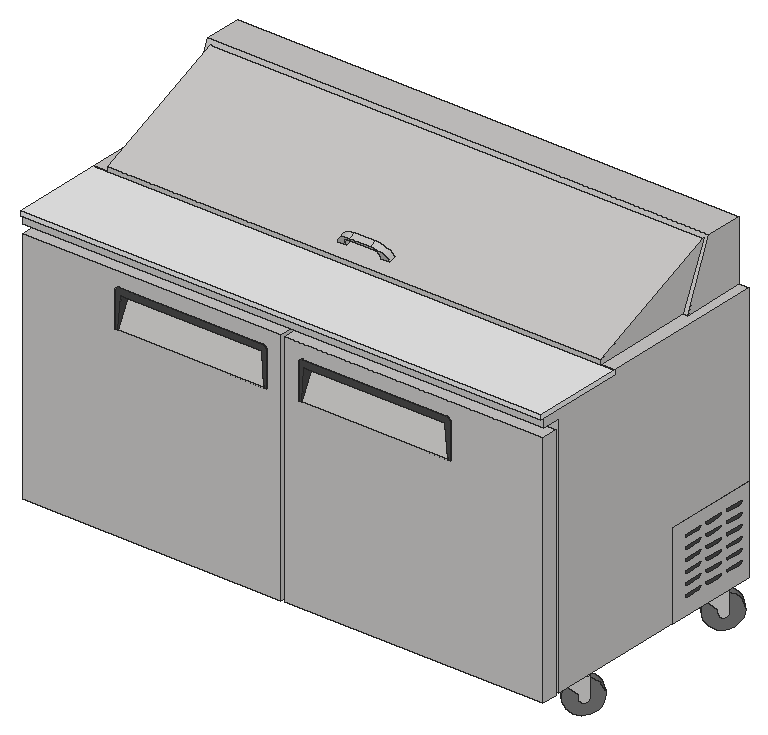
Revit family "QF_Turbo Air_MST-60522d7a05-5c8d-4af2-bb92-b9abdb3de6f6", category Specialty Equipment, Revit 2012
Parameters
  Weight in Pounds = 330
  Watermarked By = "http://revitwatermark.com"
  Volts = 115 V
  URL Cutsheet = ""
  URL = "www.turboairinc.com"
  Status [instance] = ""
  Specification by User [instance] = ""
  Specification by Manufacturer [instance] = ""
  Serial Number [instance] = ""
  Revision Code [instance] = ""
  Phase = 1
  Number of Poles [instance] = 1
  NAFEM Spec ID Number [instance] = ""
  Model = "MST-60"
  Masterspec [instance] = ""
  Manufacturer = "Turbo Air"  # constant formula
  Legs [instance] = [6 inch Legs]  # no
  Item Number [instance] = "-"
  Installed By [instance] = ""
  HP = "1/3"
  Furnished By [instance] = ""
  Foodservice Equipment Identifier = yes
  FL Amps = 8.9 A
  Electrical Remarks [instance] = ""
  Electric Connection Type [instance] = ""
  Elec Conn RI Height [instance] = 0' - 0"
  Elec Conn Connection Height = 1' - 0"
  Description = "Sandwich/Salad Unit"
  Cycle = 60 Hz
  Conn Plug = "NEMA 5-15P"
  Casters [instance] = not(Legs)  # yes
  CasterLeg Height [instance] = if([4 inch Casters], 0' 5", if([5 inch Casters], 0' 5 3/4", if([2_5 inch Casters], 0' 3 3/8", 0' 6")))  # 0' - 5"
  CSI MasterFormat = "11 41 13"
  Assembly Code = "E1090320"
  Apparent Power = if(Phase = 3, Volts * FL Amps * 1.73, Volts * FL Amps)  # 1023.5 VA
  6 inch Legs [instance] = no
  5 inch Casters [instance] = no
  4 inch Casters [instance] = yes
  2_5 inch Casters [instance] = no
Reference planes (in)
  plane 1 "BACK": y = 0
  plane 2: z = 0
  plane 3 "LEFT": x = -20.78844
  plane 4 "Bottom": z = 5
  plane 5 "Back Stops": y = 1
  plane 6 "RIGHT": x = 39.46156
  plane 7 "Front of Lid": y = -19.375
  plane 8 "FRONT": y = -30
  plane 9 "Door Clearance": y = -57.75
  plane 10 "Back of Door": y = -27.875
  plane 11 "Front of Box": y = -27.375
  plane 12 "Counter Top": z = 35
  plane 13 "TOP": z = 42
  plane 14 "Top of Door": z = 32.5
  plane 15 "Bottom of Cutting Board": z = 34.5
  plane 16 "Handle LR": x = 9.33656
  plane 17 "Lid Clearance": z = 45.5
  plane 18 "Left Lid Cover": x = -19.66344
  plane 19 "Right of Lid Cover": x = 38.33656
  plane 20 "Left of Lid": x = -19.16344
  plane 21 "Right of Lid": x = 37.83656
  plane 22 "Left of Right Door": x = 9.52406
  plane 23 "Right of Left Door": x = 9.14906
Forms (in)
  Extrusion 1, solid, material "QF_Finishes_Stainless Steel"
    sketch origin (-20.78844, 0, 0) x (0, 1, 0) y (0, 0, 1)
      loop
        line (0, 5) -> (0, 35) -> (-19.375, 35) -> (-19.375, 34.5) -> (-29.625, 34.5) -> (-29.625, 33.5) -> (-27.375, 33.5) -> (-27.375, 5) -> (0, 5)
    from 0 to 60.25
  Extrusion 2, solid, material "QF_Finishes_Black"
    sketch origin (0, -27.375, 0) x (1, 0, 0) y (0, 0, 1)
      loop
        line (-19.78844, 31.5) -> (-19.78844, 6) -> (8.14906, 6) -> (8.14906, 31.5) -> (-19.78844, 31.5)
      loop
        line (38.46156, 6) -> (38.46156, 31.5) -> (10.52406, 31.5) -> (10.52406, 6) -> (38.46156, 6)
    from 0 to 0.5
  Extrusion 3, solid, material "QF_Finishes_Stainless Steel"
    sketch origin (-19.66344, 0, 0) x (0, 1, 0) y (0, 0, 1)
      loop
        line (0, 35) -> (0, 42) -> (-4.25, 42) -> (-7.375, 35) -> (0, 35)
    from 0 to 58
  Extrusion 4, solid, material "QF_Finishes_White"
    sketch origin (0, 0, 34.5) x (0, 1, 0) y (-1, 0, 0)
      loop
        line (-19.375, 20.78844) -> (-30, 20.78844) -> (-30, -39.46156) -> (-19.375, -39.46156) -> (-19.375, 20.78844)
    from 0 to 0.5
  Extrusion 5, solid, material "QF_Finishes_Stainless Steel"
    sketch origin (-19.16344, 0, 0) x (0, 1, 0) y (0, 0, 1)
      loop
        line (-19.375, 35) -> (-7.375, 35) -> (-4.45383, 41.54343) -> (-19.375, 35.5) -> (-19.375, 35)
    from 0 to 57
  Extrusion 6, solid, material "QF_Finishes_Stainless Steel"
    sketch origin (-8.25, -2.56728, -1.00345) x (1, 0, 0) y (0, -0.375401, 0.926862)
      loop
        line (19.58656, 40.14331) -> (20.58656, 40.14331)
        arc (20.58656, 40.14331) -> (19.91185, 41.04872) -> (18.83656, 41.39331) r 1.85
        line (18.83656, 41.39331) -> (16.33656, 41.39331)
        arc (16.33656, 41.39331) -> (15.26127, 41.04872) -> (14.58656, 40.14331) r 1.85
        line (14.58656, 40.14331) -> (15.58656, 40.14331) -> (15.58656, 40.64331)
        arc (15.58656, 40.64331) -> (15.73301, 40.99687) -> (16.08656, 41.14331) r 0.5
        line (16.08656, 41.14331) -> (19.08656, 41.14331)
        arc (19.08656, 41.14331) -> (19.44011, 40.99687) -> (19.58656, 40.64331) r 0.5
        line (19.58656, 40.64331) -> (19.58656, 40.14331)
    from -0.375 to 0.375
  Extrusion 7, solid, material "QF_Finishes_Clearances", detail levels coarse
    sketch origin (-19.16344, 0, 0) x (0, 1, 0) y (0, 0, 1)
      loop
        arc (-9.375, 45.5) -> (-16.44607, 42.57107) -> (-19.375, 35.5) r 10
        line (-19.375, 35.5) -> (-4.45383, 41.54343) -> (-8.87792, 45.446) -> (-9.375, 45.5)
    from 0 to 57
  Extrusion 8, void
    sketch origin (39.46156, 0, 0) x (0, 1, 0) y (0, 0, 1)
      loop
        line (0, 5) -> (0, 15) -> (-11, 15) -> (-11, 5) -> (0, 5)
    from 0 to -1
  Extrusion 9, solid, material "QF_Finishes_Stainless Steel"
    sketch origin (39.46156, 0, 0) x (0, 1, 0) y (0, 0, 1)
      loop
        line (-10.875, 14.875) -> (-10.875, 5) -> (0, 5) -> (0, 14.875) -> (-10.875, 14.875)
      loop
        arc (-9.25, 13.5) -> (-9.10355, 13.14645) -> (-8.75, 13) r 0.5
        line (-8.75, 13) -> (-7.25, 13)
        arc (-7.25, 13) -> (-6.89645, 13.14645) -> (-6.75, 13.5) r 0.5
        line (-6.75, 13.5) -> (-9.25, 13.5)
      loop
        arc (-6.25, 13.5) -> (-6.10355, 13.14645) -> (-5.75, 13) r 0.5
        line (-5.75, 13) -> (-4.25, 13)
        arc (-4.25, 13) -> (-3.89645, 13.14645) -> (-3.75, 13.5) r 0.5
        line (-3.75, 13.5) -> (-6.25, 13.5)
      loop
        arc (-3.25, 13.5) -> (-3.10355, 13.14645) -> (-2.75, 13) r 0.5
        line (-2.75, 13) -> (-1.25, 13)
        arc (-1.25, 13) -> (-0.89645, 13.14645) -> (-0.75, 13.5) r 0.5
        line (-0.75, 13.5) -> (-3.25, 13.5)
      loop
        arc (-9.25, 12.25) -> (-9.10355, 11.89645) -> (-8.75, 11.75) r 0.5
        line (-8.75, 11.75) -> (-7.25, 11.75)
        arc (-7.25, 11.75) -> (-6.89645, 11.89645) -> (-6.75, 12.25) r 0.5
        line (-6.75, 12.25) -> (-9.25, 12.25)
      loop
        arc (-6.25, 12.25) -> (-6.10355, 11.89645) -> (-5.75, 11.75) r 0.5
        line (-5.75, 11.75) -> (-4.25, 11.75)
        arc (-4.25, 11.75) -> (-3.89645, 11.89645) -> (-3.75, 12.25) r 0.5
        line (-3.75, 12.25) -> (-6.25, 12.25)
      loop
        arc (-3.25, 12.25) -> (-3.10355, 11.89645) -> (-2.75, 11.75) r 0.5
        line (-2.75, 11.75) -> (-1.25, 11.75)
        arc (-1.25, 11.75) -> (-0.89645, 11.89645) -> (-0.75, 12.25) r 0.5
        line (-0.75, 12.25) -> (-3.25, 12.25)
      loop
        arc (-9.25, 11) -> (-9.10355, 10.64645) -> (-8.75, 10.5) r 0.5
        line (-8.75, 10.5) -> (-7.25, 10.5)
        arc (-7.25, 10.5) -> (-6.89645, 10.64645) -> (-6.75, 11) r 0.5
        line (-6.75, 11) -> (-9.25, 11)
      loop
        arc (-6.25, 11) -> (-6.10355, 10.64645) -> (-5.75, 10.5) r 0.5
        line (-5.75, 10.5) -> (-4.25, 10.5)
        arc (-4.25, 10.5) -> (-3.89645, 10.64645) -> (-3.75, 11) r 0.5
        line (-3.75, 11) -> (-6.25, 11)
      loop
        arc (-3.25, 11) -> (-3.10355, 10.64645) -> (-2.75, 10.5) r 0.5
        line (-2.75, 10.5) -> (-1.25, 10.5)
        arc (-1.25, 10.5) -> (-0.89645, 10.64645) -> (-0.75, 11) r 0.5
        line (-0.75, 11) -> (-3.25, 11)
      loop
        arc (-9.25, 9.75) -> (-9.10355, 9.39645) -> (-8.75, 9.25) r 0.5
        line (-8.75, 9.25) -> (-7.25, 9.25)
        arc (-7.25, 9.25) -> (-6.89645, 9.39645) -> (-6.75, 9.75) r 0.5
        line (-6.75, 9.75) -> (-9.25, 9.75)
      loop
        arc (-6.25, 9.75) -> (-6.10355, 9.39645) -> (-5.75, 9.25) r 0.5
        line (-5.75, 9.25) -> (-4.25, 9.25)
        arc (-4.25, 9.25) -> (-3.89645, 9.39645) -> (-3.75, 9.75) r 0.5
        line (-3.75, 9.75) -> (-6.25, 9.75)
      loop
        arc (-3.25, 9.75) -> (-3.10355, 9.39645) -> (-2.75, 9.25) r 0.5
        line (-2.75, 9.25) -> (-1.25, 9.25)
        arc (-1.25, 9.25) -> (-0.89645, 9.39645) -> (-0.75, 9.75) r 0.5
        line (-0.75, 9.75) -> (-3.25, 9.75)
      loop
        arc (-9.25, 8.5) -> (-9.10355, 8.14645) -> (-8.75, 8) r 0.5
        line (-8.75, 8) -> (-7.25, 8)
        arc (-7.25, 8) -> (-6.89645, 8.14645) -> (-6.75, 8.5) r 0.5
        line (-6.75, 8.5) -> (-9.25, 8.5)
      loop
        arc (-6.25, 8.5) -> (-6.10355, 8.14645) -> (-5.75, 8) r 0.5
        line (-5.75, 8) -> (-4.25, 8)
        arc (-4.25, 8) -> (-3.89645, 8.14645) -> (-3.75, 8.5) r 0.5
        line (-3.75, 8.5) -> (-6.25, 8.5)
      loop
        arc (-3.25, 8.5) -> (-3.10355, 8.14645) -> (-2.75, 8) r 0.5
        line (-2.75, 8) -> (-1.25, 8)
        arc (-1.25, 8) -> (-0.89645, 8.14645) -> (-0.75, 8.5) r 0.5
        line (-0.75, 8.5) -> (-3.25, 8.5)
      loop
        arc (-9.25, 7.25) -> (-9.10355, 6.89645) -> (-8.75, 6.75) r 0.5
        line (-8.75, 6.75) -> (-7.25, 6.75)
        arc (-7.25, 6.75) -> (-6.89645, 6.89645) -> (-6.75, 7.25) r 0.5
        line (-6.75, 7.25) -> (-9.25, 7.25)
      loop
        arc (-6.25, 7.25) -> (-6.10355, 6.89645) -> (-5.75, 6.75) r 0.5
        line (-5.75, 6.75) -> (-4.25, 6.75)
        arc (-4.25, 6.75) -> (-3.89645, 6.89645) -> (-3.75, 7.25) r 0.5
        line (-3.75, 7.25) -> (-6.25, 7.25)
      loop
        arc (-3.25, 7.25) -> (-3.10355, 6.89645) -> (-2.75, 6.75) r 0.5
        line (-2.75, 6.75) -> (-1.25, 6.75)
        arc (-1.25, 6.75) -> (-0.89645, 6.89645) -> (-0.75, 7.25) r 0.5
        line (-0.75, 7.25) -> (-3.25, 7.25)
    from 0 to -1
  Extrusion 10, solid, material "QF_Finishes_Black"
    sketch origin (39.46156, 0, 0) x (0, 1, 0) y (0, 0, 1)
      loop
        line (-9.875, 13.95221) -> (-9.875, 6.20221) -> (-0.375, 6.20221) -> (-0.375, 13.95221) -> (-9.875, 13.95221)
    from -0.125 to -1
  Extrusion 11, solid, material "QF_Finishes_Black"
    sketch origin (0, 0, 0) x (1, 0, 0) y (0, 0, 1)
      loop
        circle (-14.66344, 30.1875) r 0.5
      loop
        circle (33.33656, 30.1875) r 0.5
    from 0 to -1
  Extrusion 12, solid, material "QF_Finishes_Stainless Steel"
    sketch origin (0, 0, 0) x (1, 0, 0) y (0, 0, 1)
      loop
        circle (35.46156, 11.125) r 0.25
    from 0 to -0.0625
Cuts and joins
  Extrusion 8 cuts Extrusion 1
Lines and regions (in)
  symbolic lines
    curve 1: line (-20.78844, 0, 35) -> (39.46156, 0, 35)
    curve 2: line (-20.78844, -30, 35) -> (-20.78844, 0, 35)
    curve 3: line (39.46156, -30, 35) -> (-20.78844, -30, 35)
    curve 4: line (39.46156, 0, 35) -> (39.46156, -30, 35)
    curve 5: line (-20.78844, -19.375, 35) -> (39.46156, -19.375, 35)
    curve 6: line (33.58656, 1, 35) -> (34.58656, 1, 35)
    curve 7: line (-15.91344, 1, 35) -> (-14.91344, 1, 35)
    curve 8: line (-15.91344, 1, 35) -> (-15.91344, 0, 35)
    curve 9: line (-14.91344, 1, 35) -> (-14.91344, 0, 35)
    curve 10: line (33.58656, 1, 35) -> (33.58656, 0, 35)
    curve 11: line (34.58656, 1, 35) -> (34.58656, 0, 35)
    curve 12: line (7.33656, -17.28956, 35) -> (6.33656, -17.28956, 35)
    curve 13: line (6.33656, -17.28956, 35) -> (6.33656, -17.98471, 35)
    curve 14: line (7.33656, -17.47726, 35) -> (7.33656, -17.28956, 35)
    curve 15: line (10.58656, -18.45396, 35) -> (8.08656, -18.45396, 35)
    curve 16: line (10.83656, -17.66496, 35) -> (7.83656, -17.66496, 35)
    curve 17: line (11.33656, -17.28956, 35) -> (11.33656, -17.47726, 35)
    curve 18: line (12.33656, -17.28956, 35) -> (11.33656, -17.28956, 35)
    curve 19: line (12.33656, -17.98471, 35) -> (12.33656, -17.28956, 35)
    curve 20: spline (12.33656, -17.98471, 35) -> (12.2653, -18.0513, 35) -> (12.17612, -18.11477, 35) -> (12.06997, -18.17445, 35) -> (11.94798, -18.2297, 35) -> (11.81145, -18.27993, 35) -> (11.66185, -18.3246, 35) -> (11.50077, -18.36324, 35) -> (11.32992, -18.39543, 35) -> (11.15114, -18.42083, 35) -> (10.96633, -18.43917, 35) -> (10.77746, -18.45025, 35) -> (10.58656, -18.45396, 35)
    curve 21: spline (7.83656, -17.66496, 35) -> (7.7713, -17.66336, 35) -> (7.70715, -17.65857, 35) -> (7.64522, -17.65067, 35) -> (7.58656, -17.63981, 35) -> (7.53218, -17.62617, 35) -> (7.48301, -17.60998, 35) -> (7.43988, -17.59153, 35) -> (7.40355, -17.57111, 35) -> (7.37462, -17.54909, 35) -> (7.3536, -17.52584, 35) -> (7.34084, -17.50176, 35) -> (7.33656, -17.47726, 35)
    curve 22: spline (11.33656, -17.47726, 35) -> (11.33228, -17.50176, 35) -> (11.31952, -17.52584, 35) -> (11.2985, -17.54909, 35) -> (11.26957, -17.57111, 35) -> (11.23324, -17.59153, 35) -> (11.19011, -17.60998, 35) -> (11.14094, -17.62617, 35) -> (11.08656, -17.63981, 35) -> (11.0279, -17.65067, 35) -> (10.96597, -17.65857, 35) -> (10.90182, -17.66336, 35) -> (10.83656, -17.66496, 35)
    curve 23: spline (8.08656, -18.45396, 35) -> (7.89566, -18.45025, 35) -> (7.70679, -18.43917, 35) -> (7.52198, -18.42083, 35) -> (7.3432, -18.39543, 35) -> (7.17235, -18.36324, 35) -> (7.01127, -18.3246, 35) -> (6.86167, -18.27993, 35) -> (6.72514, -18.2297, 35) -> (6.60315, -18.17445, 35) -> (6.497, -18.11477, 35) -> (6.40782, -18.0513, 35) -> (6.33656, -17.98471, 35)
    curve 40: line (-19.66344, 0, 35) -> (-19.66344, -7.375, 35)
    curve 41: line (38.33656, -7.375, 35) -> (38.33656, 0, 35)
    curve 42: line (-19.66344, -4.25, 35) -> (38.33656, -4.25, 35)
    curve 43: line (-19.16344, -4.25, 35) -> (-19.16344, -19.375, 35)
    curve 44: line (37.83656, -19.375, 35) -> (37.83656, -4.25, 35)
    curve 49: line (37.83656, -7.375, 35) -> (38.33656, -7.375, 35)
    curve 50: line (-19.16344, -7.375, 35) -> (-19.66344, -7.375, 35)
  symbolic lines, style "QF_Surface Details"
    curve 24: line (8.96156, -10.41441, 35) -> (8.96156, -6.42258, 35)
    curve 25: line (2.96156, -10.41441, 35) -> (2.96156, -6.42258, 35)
    curve 26: line (3.96156, -5.42258, 35) -> (7.96156, -5.42258, 35)
    curve 27: line (3.96156, -11.41441, 35) -> (7.96156, -11.41441, 35)
    curve 28: arc (7.96156, -5.42258, 35) -> (8.66867, -5.71547, 35) -> (8.96156, -6.42258, 35) r 1
    curve 29: arc (3.96156, -5.42258, 35) -> (3.25445, -5.71547, 35) -> (2.96156, -6.42258, 35) r 1
    curve 30: arc (2.96156, -10.41441, 35) -> (3.25445, -11.12152, 35) -> (3.96156, -11.41441, 35) r 1
    curve 31: arc (7.96156, -11.41441, 35) -> (8.66867, -11.12152, 35) -> (8.96156, -10.41441, 35) r 1
    curve 32: line (8.96156, -13.41441, 35) -> (8.96156, -17.40625, 35)
    curve 33: line (2.96156, -13.41441, 35) -> (2.96156, -17.40625, 35)
    curve 34: line (3.96156, -18.40625, 35) -> (7.96156, -18.40625, 35)
    curve 35: line (3.96156, -12.41441, 35) -> (7.96156, -12.41441, 35)
    curve 36: arc (7.96156, -18.40625, 35) -> (8.66867, -18.11336, 35) -> (8.96156, -17.40625, 35) r 1
    curve 37: arc (3.96156, -18.40625, 35) -> (3.25445, -18.11336, 35) -> (2.96156, -17.40625, 35) r 1
    curve 38: arc (2.96156, -13.41441, 35) -> (3.25445, -12.70731, 35) -> (3.96156, -12.41441, 35) r 1
    curve 39: arc (7.96156, -12.41441, 35) -> (8.66867, -12.70731, 35) -> (8.96156, -13.41441, 35) r 1
    curve 51: line (2.21156, -10.41441, 35) -> (2.21156, -6.42258, 35)
    curve 52: line (-3.78844, -10.41441, 35) -> (-3.78844, -6.42258, 35)
    curve 53: line (-2.78844, -5.42258, 35) -> (1.21156, -5.42258, 35)
    curve 54: line (-2.78844, -11.41441, 35) -> (1.21156, -11.41441, 35)
    curve 55: arc (1.21156, -5.42258, 35) -> (1.91867, -5.71547, 35) -> (2.21156, -6.42258, 35) r 1
    curve 56: arc (-2.78844, -5.42258, 35) -> (-3.49555, -5.71547, 35) -> (-3.78844, -6.42258, 35) r 1
    curve 57: arc (-3.78844, -10.41441, 35) -> (-3.49555, -11.12152, 35) -> (-2.78844, -11.41441, 35) r 1
    curve 58: arc (1.21156, -11.41441, 35) -> (1.91867, -11.12152, 35) -> (2.21156, -10.41441, 35) r 1
    curve 59: line (2.21156, -13.41441, 35) -> (2.21156, -17.40625, 35)
    curve 60: line (-3.78844, -13.41441, 35) -> (-3.78844, -17.40625, 35)
    curve 61: line (-2.78844, -18.40625, 35) -> (1.21156, -18.40625, 35)
    curve 62: line (-2.78844, -12.41441, 35) -> (1.21156, -12.41441, 35)
    curve 63: arc (1.21156, -18.40625, 35) -> (1.91867, -18.11336, 35) -> (2.21156, -17.40625, 35) r 1
    curve 64: arc (-2.78844, -18.40625, 35) -> (-3.49555, -18.11336, 35) -> (-3.78844, -17.40625, 35) r 1
    curve 65: arc (-3.78844, -13.41441, 35) -> (-3.49555, -12.70731, 35) -> (-2.78844, -12.41441, 35) r 1
    curve 66: arc (1.21156, -12.41441, 35) -> (1.91867, -12.70731, 35) -> (2.21156, -13.41441, 35) r 1
    curve 67: line (-4.53844, -10.41441, 35) -> (-4.53844, -6.42258, 35)
    curve 68: line (-10.53844, -10.41441, 35) -> (-10.53844, -6.42258, 35)
    curve 69: line (-9.53844, -5.42258, 35) -> (-5.53844, -5.42258, 35)
    curve 70: line (-9.53844, -11.41441, 35) -> (-5.53844, -11.41441, 35)
    curve 71: arc (-5.53844, -5.42258, 35) -> (-4.83133, -5.71547, 35) -> (-4.53844, -6.42258, 35) r 1
    curve 72: arc (-9.53844, -5.42258, 35) -> (-10.24555, -5.71547, 35) -> (-10.53844, -6.42258, 35) r 1
    curve 73: arc (-10.53844, -10.41441, 35) -> (-10.24555, -11.12152, 35) -> (-9.53844, -11.41441, 35) r 1
    curve 74: arc (-5.53844, -11.41441, 35) -> (-4.83133, -11.12152, 35) -> (-4.53844, -10.41441, 35) r 1
    curve 75: line (-4.53844, -13.41441, 35) -> (-4.53844, -17.40625, 35)
    curve 76: line (-10.53844, -13.41441, 35) -> (-10.53844, -17.40625, 35)
    curve 77: line (-9.53844, -18.40625, 35) -> (-5.53844, -18.40625, 35)
    curve 78: line (-9.53844, -12.41441, 35) -> (-5.53844, -12.41441, 35)
    curve 79: arc (-5.53844, -18.40625, 35) -> (-4.83133, -18.11336, 35) -> (-4.53844, -17.40625, 35) r 1
    curve 80: arc (-9.53844, -18.40625, 35) -> (-10.24555, -18.11336, 35) -> (-10.53844, -17.40625, 35) r 1
    curve 81: arc (-10.53844, -13.41441, 35) -> (-10.24555, -12.70731, 35) -> (-9.53844, -12.41441, 35) r 1
    curve 82: arc (-5.53844, -12.41441, 35) -> (-4.83133, -12.70731, 35) -> (-4.53844, -13.41441, 35) r 1
    curve 83: line (-11.28844, -10.41441, 35) -> (-11.28844, -6.42258, 35)
    curve 84: line (-17.28844, -10.41441, 35) -> (-17.28844, -6.42258, 35)
    curve 85: line (-16.28844, -5.42258, 35) -> (-12.28844, -5.42258, 35)
    curve 86: line (-16.28844, -11.41441, 35) -> (-12.28844, -11.41441, 35)
    curve 87: arc (-12.28844, -5.42258, 35) -> (-11.58133, -5.71547, 35) -> (-11.28844, -6.42258, 35) r 1
    curve 88: arc (-16.28844, -5.42258, 35) -> (-16.99555, -5.71547, 35) -> (-17.28844, -6.42258, 35) r 1
    curve 89: arc (-17.28844, -10.41441, 35) -> (-16.99555, -11.12152, 35) -> (-16.28844, -11.41441, 35) r 1
    curve 90: arc (-12.28844, -11.41441, 35) -> (-11.58133, -11.12152, 35) -> (-11.28844, -10.41441, 35) r 1
    curve 91: line (-11.28844, -13.41441, 35) -> (-11.28844, -17.40625, 35)
    curve 92: line (-17.28844, -13.41441, 35) -> (-17.28844, -17.40625, 35)
    curve 93: line (-16.28844, -18.40625, 35) -> (-12.28844, -18.40625, 35)
    curve 94: line (-16.28844, -12.41441, 35) -> (-12.28844, -12.41441, 35)
    curve 95: arc (-12.28844, -18.40625, 35) -> (-11.58133, -18.11336, 35) -> (-11.28844, -17.40625, 35) r 1
    curve 96: arc (-16.28844, -18.40625, 35) -> (-16.99555, -18.11336, 35) -> (-17.28844, -17.40625, 35) r 1
    curve 97: arc (-17.28844, -13.41441, 35) -> (-16.99555, -12.70731, 35) -> (-16.28844, -12.41441, 35) r 1
    curve 98: arc (-12.28844, -12.41441, 35) -> (-11.58133, -12.70731, 35) -> (-11.28844, -13.41441, 35) r 1
    curve 99: line (16.46156, -10.41441, 35) -> (16.46156, -6.42258, 35)
    curve 100: line (22.46156, -10.41441, 35) -> (22.46156, -6.42258, 35)
    curve 101: line (21.46156, -5.42258, 35) -> (17.46156, -5.42258, 35)
    curve 102: line (21.46156, -11.41441, 35) -> (17.46156, -11.41441, 35)
    curve 103: arc (17.46156, -5.42258, 35) -> (16.75445, -5.71547, 35) -> (16.46156, -6.42258, 35) r 1
    curve 104: arc (21.46156, -5.42258, 35) -> (22.16867, -5.71547, 35) -> (22.46156, -6.42258, 35) r 1
    curve 105: arc (22.46156, -10.41441, 35) -> (22.16867, -11.12152, 35) -> (21.46156, -11.41441, 35) r 1
    curve 106: arc (17.46156, -11.41441, 35) -> (16.75445, -11.12152, 35) -> (16.46156, -10.41441, 35) r 1
    curve 107: line (16.46156, -13.41441, 35) -> (16.46156, -17.40625, 35)
    curve 108: line (22.46156, -13.41441, 35) -> (22.46156, -17.40625, 35)
    curve 109: line (21.46156, -18.40625, 35) -> (17.46156, -18.40625, 35)
    curve 110: line (21.46156, -12.41441, 35) -> (17.46156, -12.41441, 35)
    curve 111: arc (17.46156, -18.40625, 35) -> (16.75445, -18.11336, 35) -> (16.46156, -17.40625, 35) r 1
    curve 112: arc (21.46156, -18.40625, 35) -> (22.16867, -18.11336, 35) -> (22.46156, -17.40625, 35) r 1
    curve 113: arc (22.46156, -13.41441, 35) -> (22.16867, -12.70731, 35) -> (21.46156, -12.41441, 35) r 1
    curve 114: arc (17.46156, -12.41441, 35) -> (16.75445, -12.70731, 35) -> (16.46156, -13.41441, 35) r 1
    curve 115: line (23.21156, -10.41441, 35) -> (23.21156, -6.42258, 35)
    curve 116: line (29.21156, -10.41441, 35) -> (29.21156, -6.42258, 35)
    curve 117: line (28.21156, -5.42258, 35) -> (24.21156, -5.42258, 35)
    curve 118: line (28.21156, -11.41441, 35) -> (24.21156, -11.41441, 35)
    curve 119: arc (24.21156, -5.42258, 35) -> (23.50445, -5.71547, 35) -> (23.21156, -6.42258, 35) r 1
    curve 120: arc (28.21156, -5.42258, 35) -> (28.91867, -5.71547, 35) -> (29.21156, -6.42258, 35) r 1
    curve 121: arc (29.21156, -10.41441, 35) -> (28.91867, -11.12152, 35) -> (28.21156, -11.41441, 35) r 1
    curve 122: arc (24.21156, -11.41441, 35) -> (23.50445, -11.12152, 35) -> (23.21156, -10.41441, 35) r 1
    curve 123: line (23.21156, -13.41441, 35) -> (23.21156, -17.40625, 35)
    curve 124: line (29.21156, -13.41441, 35) -> (29.21156, -17.40625, 35)
    curve 125: line (28.21156, -18.40625, 35) -> (24.21156, -18.40625, 35)
    curve 126: line (28.21156, -12.41441, 35) -> (24.21156, -12.41441, 35)
    curve 127: arc (24.21156, -18.40625, 35) -> (23.50445, -18.11336, 35) -> (23.21156, -17.40625, 35) r 1
    curve 128: arc (28.21156, -18.40625, 35) -> (28.91867, -18.11336, 35) -> (29.21156, -17.40625, 35) r 1
    curve 129: arc (29.21156, -13.41441, 35) -> (28.91867, -12.70731, 35) -> (28.21156, -12.41441, 35) r 1
    curve 130: arc (24.21156, -12.41441, 35) -> (23.50445, -12.70731, 35) -> (23.21156, -13.41441, 35) r 1
    curve 131: line (29.96156, -10.41441, 35) -> (29.96156, -6.42258, 35)
    curve 132: line (35.96156, -10.41441, 35) -> (35.96156, -6.42258, 35)
    curve 133: line (34.96156, -5.42258, 35) -> (30.96156, -5.42258, 35)
    curve 134: line (34.96156, -11.41441, 35) -> (30.96156, -11.41441, 35)
    curve 135: arc (30.96156, -5.42258, 35) -> (30.25445, -5.71547, 35) -> (29.96156, -6.42258, 35) r 1
    curve 136: arc (34.96156, -5.42258, 35) -> (35.66867, -5.71547, 35) -> (35.96156, -6.42258, 35) r 1
    curve 137: arc (35.96156, -10.41441, 35) -> (35.66867, -11.12152, 35) -> (34.96156, -11.41441, 35) r 1
    curve 138: arc (30.96156, -11.41441, 35) -> (30.25445, -11.12152, 35) -> (29.96156, -10.41441, 35) r 1
    curve 139: line (29.96156, -13.41441, 35) -> (29.96156, -17.40625, 35)
    curve 140: line (35.96156, -13.41441, 35) -> (35.96156, -17.40625, 35)
    curve 141: line (34.96156, -18.40625, 35) -> (30.96156, -18.40625, 35)
    curve 142: line (34.96156, -12.41441, 35) -> (30.96156, -12.41441, 35)
    curve 143: arc (30.96156, -18.40625, 35) -> (30.25445, -18.11336, 35) -> (29.96156, -17.40625, 35) r 1
    curve 144: arc (34.96156, -18.40625, 35) -> (35.66867, -18.11336, 35) -> (35.96156, -17.40625, 35) r 1
    curve 145: arc (35.96156, -13.41441, 35) -> (35.66867, -12.70731, 35) -> (34.96156, -12.41441, 35) r 1
    curve 146: arc (30.96156, -12.41441, 35) -> (30.25445, -12.70731, 35) -> (29.96156, -13.41441, 35) r 1
    curve 147: line (9.71156, -10.41441, 35) -> (9.71156, -6.42258, 35)
    curve 148: line (15.71156, -10.41441, 35) -> (15.71156, -6.42258, 35)
    curve 149: line (14.71156, -5.42258, 35) -> (10.71156, -5.42258, 35)
    curve 150: line (14.71156, -11.41441, 35) -> (10.71156, -11.41441, 35)
    curve 151: arc (10.71156, -5.42258, 35) -> (10.00445, -5.71547, 35) -> (9.71156, -6.42258, 35) r 1
    curve 152: arc (14.71156, -5.42258, 35) -> (15.41867, -5.71547, 35) -> (15.71156, -6.42258, 35) r 1
    curve 153: arc (15.71156, -10.41441, 35) -> (15.41867, -11.12152, 35) -> (14.71156, -11.41441, 35) r 1
    curve 154: arc (10.71156, -11.41441, 35) -> (10.00445, -11.12152, 35) -> (9.71156, -10.41441, 35) r 1
    curve 155: line (9.71156, -13.41441, 35) -> (9.71156, -17.40625, 35)
    curve 156: line (15.71156, -13.41441, 35) -> (15.71156, -17.40625, 35)
    curve 157: line (14.71156, -18.40625, 35) -> (10.71156, -18.40625, 35)
    curve 158: line (14.71156, -12.41441, 35) -> (10.71156, -12.41441, 35)
    curve 159: arc (10.71156, -18.40625, 35) -> (10.00445, -18.11336, 35) -> (9.71156, -17.40625, 35) r 1
    curve 160: arc (14.71156, -18.40625, 35) -> (15.41867, -18.11336, 35) -> (15.71156, -17.40625, 35) r 1
    curve 161: arc (15.71156, -13.41441, 35) -> (15.41867, -12.70731, 35) -> (14.71156, -12.41441, 35) r 1
    curve 162: arc (10.71156, -12.41441, 35) -> (10.00445, -12.70731, 35) -> (9.71156, -13.41441, 35) r 1
  symbolic lines, style "QF_Clearances", detail levels coarse
    curve 45: line (-20.78844, -30, 35) -> (-20.78844, -57.75, 35)
    curve 46: arc (-20.78844, -57.75, 35) -> (-0.38623, -49.74432, 35) -> (9.12707, -30, 35) r 30
    curve 47: line (39.46156, -30, 35) -> (39.46156, -57.75, 35)
    curve 48: arc (39.46156, -57.75, 35) -> (19.05935, -49.74432, 35) -> (9.54605, -30, 35) r 30
Dimensions and locks (in)
  "CasterLeg Height": plane 4 "Bottom" to plane 2
  locked: plane 1 "BACK" to plane 5 "Back Stops" at 1
  locked: plane 6 "RIGHT" to plane 3 "LEFT" at 60.25
  locked: plane 7 "Front of Lid" to plane 1 "BACK" at 19.375
  locked: plane 8 "FRONT" to plane 1 "BACK" at 30
  locked: plane 10 "Back of Door" to plane 1 "BACK" at 27.875
  locked: plane 10 "Back of Door" to plane 11 "Front of Box" at 0.5
  locked: plane 9 "Door Clearance" to plane 1 "BACK" at 57.75
  locked: plane 13 "TOP" to plane 12 "Counter Top" at 7
  locked: plane 12 "Counter Top" to plane 4 "Bottom" at 30
  locked: plane 12 "Counter Top" to plane 15 "Bottom of Cutting Board" at 0.5
  locked: plane 14 "Top of Door" to plane 4 "Bottom" at 27.5
  locked: plane 14 "Top of Door" to Extrusion 2 sketch curve at 1  (x2)
  locked: Extrusion 2 sketch curve to plane 3 "LEFT" at 1
  locked: Extrusion 2 sketch curve to plane 4 "Bottom" at 1  (x2)
  locked: Extrusion 2 sketch curve to plane 6 "RIGHT" at 1
  locked: plane 1 "BACK" to Extrusion 3 sketch curve at 4.25
  locked: plane 1 "BACK" to Extrusion 3 sketch curve at 7.375
  locked: plane 17 "Lid Clearance" to plane 12 "Counter Top" at 10.5
  locked: Extrusion 5 sketch curve to plane 12 "Counter Top" at 0.5
  locked: plane 13 "TOP" to Extrusion 5 sketch curve at 0.45657
  locked: plane 1 "BACK" to Extrusion 5 sketch curve at 4.45383
  locked: plane 1 "BACK" to Extrusion 5 sketch curve at 7.375
  locked: Extrusion 6 to plane 12 "Counter Top" at 2.22168
  locked: Extrusion 6 to plane 12 "Counter Top" at 2.50323
  locked: plane 13 "TOP" to Extrusion 7 sketch curve at 0.45657
  locked: plane 17 "Lid Clearance" to Extrusion 7 sketch curve at 0.054
  locked: Extrusion 8 sketch curve to plane 1 "BACK" at 11
  locked: Extrusion 8 sketch curve to plane 4 "Bottom" at 10
  locked: plane 4 "Bottom" to Extrusion 9 sketch curve at 9.875
  locked: Extrusion 9 sketch curve to plane 1 "BACK" at 10.875
  locked: Extrusion 10 sketch curve to Extrusion 10 sketch curve at 7.75
  locked: Extrusion 10 sketch curve to plane 4 "Bottom" at 1.20221
  locked: Extrusion 10 sketch curve to Extrusion 10 sketch curve at 9.5
  locked: Extrusion 10 sketch curve to plane 1 "BACK" at 0.375
  locked: nested 1 to plane 1 "BACK" at 2.5625
  locked: plane 3 "LEFT" to nested 1 at 2.5
  locked: plane 3 "LEFT" to nested 2 at 2.5
  locked: plane 11 "Front of Box" to nested 2 at 4.625
  locked: nested 3 to plane 6 "RIGHT" at 2.5
  locked: nested 4 to plane 6 "RIGHT" at 2.5
  locked: plane 11 "Front of Box" to nested 4 at 4.625
  locked: nested 3 to plane 1 "BACK" at 2.5625
  locked: plane 12 "Counter Top" to Extrusion 11 sketch curve at 4.8125  (x2)
  locked: plane 6 "RIGHT" to Extrusion 11 sketch curve at 6.125
  locked: Extrusion 11 sketch curve to plane 3 "LEFT" at 6.125
  locked: Extrusion 12 sketch curve to plane 4 "Bottom" at 6.125
  locked: plane 6 "RIGHT" to Extrusion 12 sketch curve at 4
  locked: Extrusion 1 sketch curve to plane 15 "Bottom of Cutting Board" at 1
  locked: Extrusion 1 sketch curve to plane 8 "FRONT" at 0.375
  equal spacing: plane 3 "LEFT", plane 16 "Handle LR", plane 6 "RIGHT"
  locked: plane 18 "Left Lid Cover" to plane 20 "Left of Lid" at 0.5
  locked: plane 21 "Right of Lid" to plane 19 "Right of Lid Cover" at 0.5
  plane 23 "Right of Left Door" to plane 16 "Handle LR" to plane 22 "Left of Right Door" = 0' - 0 3/16" locked, 0' - 0 3/16" locked
  locked: Extrusion 2 sketch curve to plane 23 "Right of Left Door" at 1
  locked: Extrusion 2 sketch curve to plane 22 "Left of Right Door" at 1
  locked: plane 3 "LEFT" to plane 18 "Left Lid Cover" at 1.125
  locked: plane 19 "Right of Lid Cover" to plane 6 "RIGHT" at 1.125
  aligned and locked: level to plane 2
  aligned and locked: Extrusion 1 sketch curve to plane 1 "BACK"
  aligned and locked: Extrusion 1 sketch curve to plane 4 "Bottom"
  aligned and locked: plane 11 "Front of Box" to Extrusion 1 sketch curve
  aligned and locked: plane 6 "RIGHT" to Extrusion 1
  aligned and locked: plane 10 "Back of Door" to Extrusion 2
  aligned and locked: Extrusion 1 sketch curve to plane 12 "Counter Top"
  aligned and locked: Extrusion 3 sketch curve to plane 13 "TOP"
  aligned and locked: plane 1 "BACK" to Extrusion 3 sketch curve
  aligned and locked: Extrusion 3 sketch curve to plane 12 "Counter Top"
  aligned and locked: plane 7 "Front of Lid" to Extrusion 4 sketch curve
  aligned and locked: plane 3 "LEFT" to Extrusion 4 sketch curve
  aligned and locked: Extrusion 4 sketch curve to plane 8 "FRONT"
  aligned and locked: Extrusion 4 sketch curve to plane 6 "RIGHT"
  aligned and locked: plane 12 "Counter Top" to Extrusion 4
  aligned and locked: plane 12 "Counter Top" to Extrusion 5 sketch curve
  aligned and locked: plane 7 "Front of Lid" to Extrusion 5 sketch curve
  aligned and locked: Extrusion 6 to Extrusion 5
  aligned and locked: plane 7 "Front of Lid" to Extrusion 7 sketch curve
  aligned and locked: plane 17 "Lid Clearance" to Extrusion 7 sketch curve
  aligned and locked: Extrusion 8 sketch curve to plane 1 "BACK"
  aligned and locked: Extrusion 8 sketch curve to plane 4 "Bottom"
  aligned and locked: Extrusion 11 to plane 5 "Back Stops"
  aligned and locked: plane 1 "BACK" to curve 1
  aligned and locked: curve 4 to plane 6 "RIGHT"
  aligned and locked: plane 3 "LEFT" to curve 2
  aligned and locked: curve 3 to plane 8 "FRONT"
  aligned and locked: curve 6 to Extrusion 11
  aligned and locked: curve 7 to Extrusion 11
  aligned and locked: curve 12 to Extrusion 6
  aligned and locked: curve 13 to Extrusion 6
  aligned and locked: Extrusion 6 to curve 14
  aligned and locked: curve 15 to Extrusion 6
  aligned and locked: curve 16 to Extrusion 6
  aligned and locked: curve 17 to Extrusion 6
  aligned and locked: curve 18 to Extrusion 6
  aligned and locked: curve 19 to Extrusion 6
  aligned and locked: Extrusion 1 sketch curve to plane 7 "Front of Lid"
  aligned and locked: plane 15 "Bottom of Cutting Board" to Extrusion 1 sketch curve
  aligned and locked: plane 19 "Right of Lid Cover" to Extrusion 3
  aligned and locked: plane 21 "Right of Lid" to Extrusion 7
  aligned and locked: plane 21 "Right of Lid" to Extrusion 5
  aligned and locked: curve 40 to Extrusion 3
  aligned and locked: Extrusion 3 to curve 41
  aligned and locked: curve 42 to Extrusion 3
  aligned and locked: curve 43 to Extrusion 7
  aligned and locked: curve 44 to Extrusion 7
  aligned and locked: cut or joined group of Extrusion 1, Extrusion 8 to plane 4 "Bottom"
  aligned and locked: nested 5 to plane 4 "Bottom"
  aligned and locked: plane 4 "Bottom" to nested 6
Automatic sketch dimensions
  plane 1 "BACK" to Extrusion 7 sketch curve = 0' - 9 3/8"
  Extrusion 7 sketch curve to Extrusion 7 sketch curve = 0' - 0.49708"
  plane 1 "BACK" to Extrusion 7 sketch curve = 0' - 4.45383"
  Extrusion 6 sketch curve to plane 23 "Right of Left Door" = 0' - 2 13/16"
  Extrusion 6 sketch curve to Extrusion 6 sketch curve = 0' - 1"  (x2)
  Extrusion 6 sketch curve to Extrusion 6 sketch curve = 0' - 0 1/2"  (x3)
  Extrusion 6 sketch curve to Extrusion 6 sketch curve = 0' - 0 3/4"
  plane 22 "Left of Right Door" to Extrusion 6 sketch curve = 0' - 1 1/16"
  Extrusion 6 sketch curve to Extrusion 6 sketch curve = 0' - 0 1/4"
  Extrusion 6 sketch curve to Extrusion 6 sketch curve = 0' - 0"
  Extrusion 6 sketch curve to Extrusion 6 sketch curve = 0' - 0.6"
  Extrusion 9 sketch curve to plane 1 "BACK" = 0' - 0"
  Extrusion 9 sketch curve to plane 4 "Bottom" = 0' - 0"
  Extrusion 9 sketch curve to Extrusion 9 sketch curve = 0' - 1 5/8"  (x2)
  Extrusion 9 sketch curve to Extrusion 9 sketch curve = 0' - 0"  (x14)
  Extrusion 9 sketch curve to Extrusion 9 sketch curve = 0' - 0 1/2"  (x31)
  Extrusion 9 sketch curve to Extrusion 9 sketch curve = 0' - 1 1/2"  (x5)
  plane 1 "BACK" to Extrusion 9 sketch curve = 0' - 1 1/4"  (x3)
  plane 4 "Bottom" to Extrusion 9 sketch curve = 0' - 1 3/4"  (x2)
  Extrusion 9 sketch curve to Extrusion 9 sketch curve = 0' - 0 3/4"  (x15)
  plane 9 "Door Clearance" to curve 48 = 0' - 0"
  plane 9 "Door Clearance" to curve 46 = 0' - 0"
  plane 7 "Front of Lid" to curve 43 = 0' - 0"
  curve 48 to plane 10 "Back of Door" = 0' - 0 1/8"
  curve 46 to plane 10 "Back of Door" = 0' - 0 1/8"
  curve 93 to plane 7 "Front of Lid" = 0' - 0 31/32"
  curve 143 to plane 7 "Front of Lid" = 0' - 0 31/32"
  curve 157 to plane 7 "Front of Lid" = 0' - 0 31/32"
  curve 61 to plane 7 "Front of Lid" = 0' - 0 31/32"
  curve 128 to plane 7 "Front of Lid" = 0' - 0 31/32"
  curve 80 to plane 7 "Front of Lid" = 0' - 0 31/32"
  curve 37 to plane 7 "Front of Lid" = 0' - 0 31/32"
  curve 109 to plane 7 "Front of Lid" = 0' - 0 31/32"
  curve 19 to curve 18 = 0' - 0.69515"
  curve 23 to curve 12 = 0' - 0.69515"
  plane 22 "Left of Right Door" to curve 23 = 0' - 0.4125"
  curve 23 to curve 16 = 0' - 0.0945"
  curve 20 to curve 16 = 0' - 0.0945"
  curve 14 to curve 12 = 0' - 0.1877"
  curve 17 to curve 17 = 0' - 0.1877"
  curve 125 to curve 124 = 0' - 1"
  curve 64 to curve 64 = 0' - 1"
  curve 32 to plane 23 "Right of Left Door" = 0' - 0 3/16"
  curve 21 to curve 32 = 0' - 0.07101"
  curve 61 to curve 63 = 0' - 1"
  curve 59 to curve 33 = 0' - 0"
  curve 125 to curve 123 = 0' - 1"
  curve 77 to curve 80 = 0' - 1"
  curve 109 to curve 107 = 0' - 1"
  curve 79 to curve 60 = 0' - 0"
  curve 108 to curve 127 = 0' - 0"
  curve 160 to curve 111 = 0' - 0"
  plane 22 "Left of Right Door" to curve 159 = 0' - 0 3/16"
  curve 23 to curve 159 = 0' - 0.35322"
  curve 96 to curve 96 = 0' - 1"
  curve 91 to curve 76 = 0' - 0"
  curve 124 to curve 139 = 0' - 0"  (x2)
  curve 141 to curve 140 = 0' - 1"
  curve 108 to curve 113 = 0' - 3.99184"
  curve 140 to plane 21 "Right of Lid" = 0' - 1 7/8"
  curve 140 to curve 140 = 0' - 3.99184"
  curve 139 to curve 139 = 0' - 3.99184"
  plane 20 "Left of Lid" to curve 92 = 0' - 1 7/8"
  curve 96 to curve 92 = 0' - 3.99184"
  curve 91 to curve 91 = 0' - 3.99184"
  curve 63 to curve 59 = 0' - 3.99184"
  curve 64 to curve 60 = 0' - 3.99184"
  curve 32 to curve 39 = 0' - 3.99184"
  curve 32 to curve 162 = 0' - 0"
  curve 59 to curve 38 = 0' - 0"
  curve 160 to curve 161 = 0' - 3.99184"
  curve 108 to curve 130 = 0' - 0"
  curve 82 to curve 60 = 0' - 0"
  curve 91 to curve 81 = 0' - 0"
  curve 156 to curve 107 = 0' - 0"
  curve 146 to curve 146 = 0' - 1"
  curve 38 to curve 38 = 0' - 1"
  curve 98 to curve 98 = 0' - 1"
  curve 162 to curve 162 = 0' - 1"
  curve 114 to curve 114 = 0' - 1"
  curve 81 to curve 78 = 0' - 1"
  curve 130 to curve 126 = 0' - 1"
  curve 65 to curve 62 = 0' - 1"
  curve 94 to curve 86 = 0' - 1"
  curve 35 to curve 27 = 0' - 1"
  curve 158 to curve 153 = 0' - 1"
  curve 62 to curve 58 = 0' - 1"
  curve 110 to curve 106 = 0' - 1"
  curve 142 to curve 138 = 0' - 1"
  curve 78 to curve 70 = 0' - 1"
  curve 126 to curve 122 = 0' - 1"
  curve 102 to curve 100 = 0' - 1"
  curve 150 to curve 148 = 0' - 1"
  plane 22 "Left of Right Door" to curve 147 = 0' - 0 3/16"
  curve 154 to curve 147 = 0' - 1"
  curve 54 to curve 51 = 0' - 1"
  curve 57 to curve 52 = 0' - 1"
  curve 31 to plane 23 "Right of Left Door" = 0' - 0 3/16"
  curve 31 to curve 154 = 0' - 0"
  curve 51 to curve 30 = 0' - 0"
  curve 86 to curve 90 = 0' - 1"
  curve 102 to curve 106 = 0' - 1"
  curve 86 to curve 89 = 0' - 1"
  curve 67 to curve 52 = 0' - 0"  (x2)
  curve 134 to curve 138 = 0' - 1"
  curve 90 to curve 68 = 0' - 0"
  curve 134 to curve 137 = 0' - 1"
  curve 105 to curve 115 = 0' - 0"
  curve 116 to curve 138 = 0' - 0"
  curve 50 to curve 42 = 0' - 3 1/8"
  curve 49 to curve 42 = 0' - 3 1/8"
  curve 28 to plane 23 "Right of Left Door" = 0' - 1 3/16"
  curve 31 to curve 28 = 0' - 3.99184"
  curve 116 to curve 116 = 0' - 3.99184"
  curve 122 to curve 115 = 0' - 3.99184"
  curve 104 to curve 119 = 0' - 0"
  curve 29 to curve 29 = 0' - 1"
  curve 106 to curve 103 = 0' - 3.99184"
  curve 152 to curve 103 = 0' - 0"
  curve 24 to curve 151 = 0' - 0"
  curve 50 to curve 88 = 0' - 0.95242"
  curve 83 to curve 87 = 0' - 3.99184"
  curve 87 to curve 72 = 0' - 0"
  curve 116 to curve 131 = 0' - 0"
  curve 49 to curve 132 = 0' - 0.95242"
  curve 74 to curve 71 = 0' - 3.99184"
  curve 51 to curve 25 = 0' - 0"
  curve 55 to curve 55 = 0' - 1"
  curve 72 to curve 69 = 0' - 1"
  curve 136 to curve 136 = 0' - 1"
  curve 120 to curve 120 = 0' - 1"
  curve 88 to curve 85 = 0' - 1"
  curve 152 to curve 149 = 0' - 1"
  curve 104 to curve 101 = 0' - 1"
  curve 132 to plane 21 "Right of Lid" = 0' - 1 7/8"
  curve 11 to plane 21 "Right of Lid" = 0' - 3 1/4"
  curve 6 to curve 6 = 0' - 1"
  curve 134 to curve 134 = 0' - 4"
  curve 146 to curve 138 = 0' - 0"
  curve 135 to curve 116 = 0' - 0 3/4"
  curve 139 to curve 124 = 0' - 0 3/4"
  curve 118 to curve 118 = 0' - 4"
  curve 128 to curve 125 = 0' - 4"
  curve 127 to curve 108 = 0' - 0 3/4"
  curve 122 to curve 105 = 0' - 0 3/4"
  curve 101 to curve 101 = 0' - 4"
  curve 112 to curve 109 = 0' - 4"
  curve 103 to curve 148 = 0' - 0 3/4"
  curve 111 to curve 156 = 0' - 0 3/4"
  curve 20 to curve 19 = 0' - 0.1"
  curve 22 to curve 20 = 0' - 0 1/4"
  curve 21 to curve 23 = 0' - 0 1/4"
  curve 27 to curve 27 = 0' - 4"
  curve 13 to curve 34 = 0' - 2 3/8"
  curve 33 to curve 63 = 0' - 0 3/4"
  curve 30 to curve 58 = 0' - 0 3/4"
  curve 55 to curve 56 = 0' - 4"
  curve 65 to curve 54 = 0' - 0"
  curve 52 to curve 67 = 0' - 0 3/4"
  curve 60 to curve 82 = 0' - 0 3/4"
  curve 77 to curve 77 = 0' - 4"
  curve 70 to curve 78 = 0' - 0"
  curve 76 to curve 91 = 0' - 0 3/4"
  curve 73 to curve 90 = 0' - 0 3/4"
  plane 20 "Left of Lid" to curve 9 = 0' - 4 1/4"
  curve 9 to curve 8 = 0' - 1"
  curve 89 to curve 94 = 0' - 0"
  radius of Extrusion 11 sketch curve = 0' - 0 1/2"  (x2)
  radius of Extrusion 12 sketch curve = 0' - 0 1/4"
Nested families (in)
  nested 1: "FESCasterLeg" at (-18.28844, -2.5625, 0), Legs <- "Legs", Casters <- "Casters", Height <- "CasterLeg Height", type "FESCasterLeg"
    with Legs no, Height 0' - 5", Casters yes, Caster Radius 0' - 2"
  nested 2: "FESCasterLeg" at (-18.28844, -22.75, 0), Legs <- "Legs", Casters <- "Casters", Height <- "CasterLeg Height", type "FESCasterLeg"
    with Legs no, Height 0' - 5", Casters yes, Caster Radius 0' - 2"
  nested 3: "FESCasterLeg" at (36.96156, -2.5625, 0), Legs <- "Legs", Casters <- "Casters", Height <- "CasterLeg Height", type "FESCasterLeg"
    with Legs no, Height 0' - 5", Casters yes, Caster Radius 0' - 2"
  nested 4: "FESCasterLeg" at (36.96156, -22.75, 0), Legs <- "Legs", Casters <- "Casters", Height <- "CasterLeg Height", type "FESCasterLeg"
    with Legs no, Height 0' - 5", Casters yes, Caster Radius 0' - 2"
  nested 5: "QF_Turbo Air_TBL_Door-1" at (-5.61177, -27.875, 5), type "QF_Turbo Air_TBL_Door-1"
    with Width 2' - 5 15/16", Symbolic Lines no, Height 2' - 3 1/2", Handle Width 1' - 5 5/8", Depth 0' - 1 13/16"
  nested 6: "QF_Turbo Air_TBL_Door-1" at (24.28489, -27.875, 5) x (-1, 0, 0) z (0, 0, 1), type "QF_Turbo Air_TBL_Door-1"
    with Width 2' - 5 15/16", Symbolic Lines no, Height 2' - 3 1/2", Handle Width 1' - 5 5/8", Depth 0' - 1 13/16"
Connectors (in)
  electrical at (35.46156, 0.0625, 11.125), driven by "Number of Poles", driven by "Volts", driven by "Apparent Power"
    settings: on Extrusion 12, index 1, voltage 115 V, apparent load 1023.5 VA, apparent load phase1 0 VA, apparent load phase2 0 VA, apparent load phase3 0 VA, power factor 1, load classification "Other", number of poles 1, system type 30, power factor state 1, is connector primary yes, connector utility no, sub classification motor no, connector description ""
Definition of nested family "FESCasterLeg"
  Parameters (values of type "FESCasterLeg")
    Watermarked By = "http://revitwatermark.com"
    Type Comments = "⍁⍉⌁⌀⏭⎽⌇⍠⌜⍉⎖⌥⌦⌯⍭⏊⍻⍿⍊⏵⍊⏗⏠⍴⎡⌈⎀⍠⌓⌤⏘⎐⍀⌐⏬⏁⎈⏍⏦⎒⏬⌝⍩⍇⌣〈⎫〉⎁⏊⍥⍖⍥⍝⍦⌖⍀⏌⏭⎝⎼⏷⏞⍻⏯⎽⏷⏞⍻⏯⎽⏷⎺⌻⎝⍎⌧⏷⏟⏿⌿⍜⍦⍤⌁⍬⏶⏎⍊⏚⏉⎞⌡⎀⎪⏈⌟⌿⍾⍼⌟⌿⌢⌞⏜⏝⎽⍷⍷⍯⍧⍷⌯⍽⏸⏨⏾⏎⌣⏺⍹⏼⏅⎏⌽⎫⎪⍙⎓⏗⎗⏅⌴⍏⍏⍿⏑⎺⍘⌭⏲⍥⎛⎾⎾⍞⍌⎪⎲⌙⎥⏏⎟⎟⏼⏘⎏⎝⏧⏍⏁⍏⍧⏯⏾⌟"
    Legs [instance] = yes
    Height [instance] = 0' - 6"
    Caster Radius [instance] = if(Height < 0' 3", 0' 1", (Height / 2) - 0' 0 1/2")  # 0' - 2 1/2"
    Casters [instance] = yes
    Assembly Code = ""
  Reference planes (in)
    plane 1 "Center (Front/Back)": y = 0
    plane 2: z = 0
    plane 3 "Center (Left/Right)": x = 0
    plane 4: z = 6
    plane 5: z = 5.5
  Forms (in)
    Extrusion 1, solid, material "QF_Finishes_Stainless Steel", visible <- "Casters"
      sketch origin (-24.12131, -22.88887, 10.18833) x (0.707107, 0.707107, 0) y (0, 0, 1)
        loop
          line (34.98772, -7.68833) -> (34.98772, -4.93833) -> (34.48772, -4.93833) -> (34.39402, -4.68833) -> (32.39402, -4.68833) -> (32.39402, -5.43833) -> (33.98772, -7.34206) -> (33.98772, -7.68833)
          arc (33.98772, -7.68833) -> (34.48772, -8.18833) -> (34.98772, -7.68833) r 0.5
      from 0 to 1.75
    Extrusion 2, solid, material "QF_Finishes_Rubber Black", visible <- "Casters"
      sketch origin (-24.32327, -23.09083, 13.31461) x (0.707107, 0.707107, 0) y (0, 0, 1)
        loop
          circle (34.77334, -10.81461) r 2.5
      from 0.375 to 1.375
    Extrusion 3, solid, material "QF_Finishes_Stainless Steel", visible <- "Casters"
      sketch origin (-7.24148, -8.48391, 0) x (0.707107, 0.707107, 0) y (0, 0, 1)
        loop
          line (10.61603, 5.5) -> (11.61603, 5.5) -> (11.61603, 6) -> (10.61603, 6) -> (10.61603, 5.5)
      from 0 to -1.75
    Blend 4, solid, material "QF_Finishes_Stainless Steel", visible <- "Legs"
      base sketch origin (0, 0, 0) x (1, 0, 0) y (0, 1, 0)
        loop
          circle (0, 0) r 0.5
      top sketch origin (0, 0, 0) x (1, 0, 0) y (0, 1, 0)
        loop
          circle (0, 0) r 1
      from 0 to 6 <- "Height"
  Lines and regions (in)
    symbolic lines, style "QF_Hidden Details", visible <- "Casters", built-in parameter 1006206 <- "Casters"
      curve 1: line (-1.26158, -0.51911, 0) -> (1.39007, 2.13254, 0)
      curve 2: line (-0.53429, -1.24639, 0) -> (2.11736, 1.40526, 0)
    symbolic lines, style "QF_Hidden Details", built-in parameter 1006206 <- "Casters", visible <- "Casters"
      curve 3: line (-1.26158, -0.51911, 0) -> (1.39007, 2.13254, 0)
      curve 4: line (-0.53429, -1.24639, 0) -> (2.11736, 1.40526, 0)
  Dimensions and locks (in)
    locked: plane 4 to plane 5 at 0.5
    "Height": plane 4 to level
    "Caster Radius": Extrusion 2 sketch curve to level
    "Caster Radius": Extrusion 1 sketch curve to level
    "Caster Radius": radius of Extrusion 2 sketch curve
    aligned and locked: plane 2 to level
    aligned: Blend 4 to Extrusion 3
    aligned and locked: plane 4 to Blend 4
    aligned and locked: Extrusion 3 to plane 5
    aligned and locked: plane 4 to Extrusion 3
    aligned and locked: plane 5 to Extrusion 1
  Automatic sketch dimensions
    plane 1 "Center (Front/Back)" to curve 3 = 0' - 0.51911"
    curve 3 to plane 3 "Center (Left/Right)" = 0' - 1.26158"
    plane 1 "Center (Front/Back)" to curve 1 = 0' - 0.51911"
    curve 1 to curve 3 = 0' - 0"  (x3)
    curve 4 to plane 3 "Center (Left/Right)" = 0' - 0.53429"
    curve 2 to curve 4 = 0' - 0"  (x2)
    plane 3 "Center (Left/Right)" to curve 3 = 0' - 1.39007"
    curve 1 to curve 4 = 0' - 0.72729"
    curve 2 to curve 1 = 0' - 0.72729"
    curve 4 to curve 2 = 0' - 0"  (x2)
    curve 2 to plane 1 "Center (Front/Back)" = 0' - 1.40526"
    curve 2 to curve 3 = 0' - 0.72729"
    plane 5 to Extrusion 1 sketch curve = 0' - 0"
    Extrusion 1 sketch curve to Extrusion 1 sketch curve = 0' - 1.5937"
    Extrusion 1 sketch curve to Extrusion 1 sketch curve = 0' - 2"
    Extrusion 1 sketch curve to Extrusion 1 sketch curve = 0' - 0.0937"
    Extrusion 1 sketch curve to Extrusion 1 sketch curve = 0' - 0 1/2"
    Extrusion 1 sketch curve to Extrusion 1 sketch curve = 0' - 0.34627"
    Extrusion 1 sketch curve to plane 5 = 0' - 0 3/4"
    Extrusion 1 sketch curve to plane 5 = 0' - 0 1/4"
    Extrusion 3 sketch curve to plane 5 = 0' - 0"
    plane 4 to Extrusion 3 sketch curve = 0' - 0"
    Extrusion 3 sketch curve to Extrusion 3 sketch curve = 0' - 1"
    plane 1 "Center (Front/Back)" to Blend 4 sketch curve = 0' - 0"  (x2)
    Blend 4 sketch curve to plane 3 "Center (Left/Right)" = 0' - 0"  (x2)
    radius of Blend 4 sketch curve = 0' - 0 1/2"
    radius of Blend 4 sketch curve = 0' - 1"
Definition of nested family "QF_Turbo Air_TBL_Door-1"
  Parameters (values of type "QF_Turbo Air_TBL_Door-1")
    Width [instance] = 2' - 5 5/16"
    Watermarked By = "http://revitwatermark.com"
    Symbolic Lines [instance] = yes
    Manufacturer = "Turbo Air"  # constant formula
    Height [instance] = 2' - 3 7/16"
    Handle Width [instance] = 1' - 5 5/8"
    Depth [instance] = 0' - 1 13/16"
  Reference planes (in)
    plane 1 "BACK": y = 0
    plane 2: z = 0
    plane 3 "LEFT": x = -15.17667
    plane 4: x = 14.13583
    plane 5 "FRONT": y = -1.8125
    plane 6: z = 27.4375
    plane 7 "Right of Handle": x = 12.51083
    plane 8 "Left of Handle": x = -5.11417
  Forms (in)
    Extrusion 1, solid, material "QF_Finishes_Black"
      sketch origin (-31.11417, 0, 15.01083) x (0, 0, -1) y (1, 0, 0)
        loop
          arc (-10.23917, 43.625) -> (-10.63691, 43.46025) -> (-10.80167, 43.0625) r 0.5625
          line (-10.80167, 43.0625) -> (-10.80167, 26.5625)
          arc (-10.80167, 26.5625) -> (-10.63691, 26.16475) -> (-10.23917, 26) r 0.5625
          line (-10.23917, 26) -> (-6.30167, 26) -> (-6.30167, 26.34375) -> (-9.98917, 26.66636) -> (-9.98917, 42.95864) -> (-6.30167, 43.28125) -> (-6.30167, 43.625) -> (-10.23917, 43.625)
      from 0 to 1.8125
    Extrusion 2, solid, material "QF_Finishes_Stainless Steel"
      sketch origin (-5.14542, 0, 15.01083) x (0, 1, 0) y (0, 0, 1)
        loop
          line (-1.8125, 6.30167) -> (0, 6.30167) -> (0, 9.98917) -> (-0.47036, 9.98917) -> (-1.8125, 6.30167)
      from 0.375 to 17.3125
    Extrusion 3, solid, material "QF_Finishes_Stainless Steel"
      sketch origin (0, 0, 0) x (1, 0, 0) y (0, 0, 1)
        loop
          line (-15.17667, 27.4375) -> (-15.17667, 0) -> (14.13583, 0) -> (14.13583, 27.4375) -> (-15.17667, 27.4375)
        loop
          arc (-4.55167, 25.8125) -> (-4.94941, 25.64775) -> (-5.11417, 25.25) r 0.5625
          line (-5.11417, 25.25) -> (-5.11417, 21.3125) -> (12.51083, 21.3125) -> (12.51083, 25.25)
          arc (12.51083, 25.25) -> (12.34608, 25.64775) -> (11.94833, 25.8125) r 0.5625
          line (11.94833, 25.8125) -> (-4.55167, 25.8125)
      from 0 to 1.8125
  Lines and regions (in)
    symbolic lines, visible <- "Symbolic Lines"
      curve 1: line (-15.17667, 0, 25.96875) -> (14.13583, 0, 25.96875)
      curve 2: line (-15.17667, -1.8125, 25.96875) -> (-15.17667, 0, 25.96875)
      curve 3: line (14.13583, -1.8125, 25.96875) -> (-15.17667, -1.8125, 25.96875)
      curve 4: line (14.13583, 0, 25.96875) -> (14.13583, -1.8125, 25.96875)
  Dimensions and locks (in)
    "Width": plane 4 to plane 3 "LEFT"
    "Depth": plane 5 "FRONT" to plane 1 "BACK"
    "Height": plane 6 to plane 2
    locked: Extrusion 3 sketch curve to Extrusion 3 sketch curve at 4.5
    locked: plane 6 to Extrusion 3 sketch curve at 1.625
    locked: plane 6 to Extrusion 1 sketch curve at 1.625
    locked: Extrusion 1 sketch curve to Extrusion 1 sketch curve at 0.8125
    locked: Extrusion 1 sketch curve to Extrusion 1 sketch curve at 4.5  (x2)
    locked: plane 6 to Extrusion 2 sketch curve at 2.4375
    locked: Extrusion 2 sketch curve to Extrusion 2 sketch curve at 3.6875
    locked: Extrusion 2 sketch curve to plane 5 "FRONT" at 1.34214
    locked: plane 7 "Right of Handle" to plane 4 at 1.625
    "Handle Width": plane 8 "Left of Handle" to plane 7 "Right of Handle"
    locked: Extrusion 1 sketch curve to plane 8 "Left of Handle" at 0.34375
    locked: Extrusion 1 sketch curve to plane 8 "Left of Handle" at 0.66636
    locked: Extrusion 1 sketch curve to plane 8 "Left of Handle" at 0.5625
    locked: plane 7 "Right of Handle" to Extrusion 1 sketch curve at 0.34375
    locked: plane 7 "Right of Handle" to Extrusion 1 sketch curve at 0.66636
    locked: plane 7 "Right of Handle" to Extrusion 1 sketch curve at 0.5625
    locked: plane 8 "Left of Handle" to Extrusion 2 at 0.34375
    locked: plane 7 "Right of Handle" to Extrusion 2 at 0.34375
    aligned and locked: level to plane 2
    aligned and locked: Extrusion 3 sketch curve to plane 6
    aligned and locked: plane 3 "LEFT" to Extrusion 3 sketch curve
    aligned and locked: level to Extrusion 3 sketch curve
    aligned and locked: Extrusion 3 sketch curve to plane 4
    aligned and locked: plane 5 "FRONT" to Extrusion 3
    aligned and locked: Extrusion 2 sketch curve to plane 1 "BACK"
    aligned and locked: plane 1 "BACK" to curve 1
    aligned and locked: plane 3 "LEFT" to curve 2
    aligned and locked: curve 3 to plane 5 "FRONT"
    aligned and locked: curve 4 to plane 4
    aligned and locked: Extrusion 3 sketch curve to plane 7 "Right of Handle"
    aligned and locked: Extrusion 3 sketch curve to plane 8 "Left of Handle"
    aligned and locked: Extrusion 1 sketch curve to plane 7 "Right of Handle"
    aligned and locked: plane 8 "Left of Handle" to Extrusion 1 sketch curve
  Automatic sketch dimensions
    Extrusion 3 sketch curve to Extrusion 3 sketch curve = 0' - 0 9/16"  (x2)
    Extrusion 2 sketch curve to plane 5 "FRONT" = 0' - 0"
